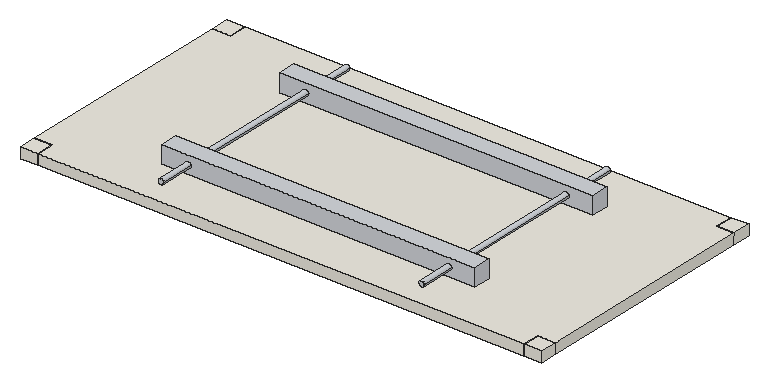
Revit family "LED-PL-CSVT", category Осветительные приборы, Revit 2019 (continued)
Types (9, lengths in mm): name | built-in parameter 1150134 | Файл фотометрической сетки | built-in parameter 1150105 | Lumens | built-in parameter 1150106 | built-in parameter 1150142 | Wattage | built-in parameter 1150107 | Emit from Rectangle Width | Emit from Rectangle Length | Длина | Ширина | L1 | L | ADSK_Ток | ADSK_Полная мощность | ADSK_Обозначение | ADSK_Номинальная мощность | ADSK_Наименование | ADSK_Масса | ADSK_Код изделия
  LED PL-CSVT-38 295x1195 х10 (KROKUS) (IP54/IP20, 4000K, белый) | 12 | "Светильник LED-PL-CSVT-38-(295x1195).IES" | 302.39 (stored number, unit not read) | 3800 lm | 3.0239 (stored number, unit not read) | "IESNA:LM-63-95\r\n[TEST] Протокол № 78\r\n[DATA]26.06.2016\r\n[MORE] \r\n[MANUFAC] ЗАО \"Центрстройсвет\"\r\n[LUMCAT]  Светильник LED-PL-CSVT-38-(295x1195) \r\n[LUMINAIRE]\r\n[LAMPCAT] Светодиоды\r\n[LAMP] Поток источника света (светодиодов) не известен\r\n[MORE] КСС приведена в абсолютных величинах кд\r\n[MORE] Вместо потока лампы, указан поток светильника.\r\nTILT=NONE\r\n1    3700 1.0 37 73 1 2 0.295 1.195 0.01\r\n1.0 1.0 38.3\r\n0.0 5.0 10.0 15.0 20.0 25.0 30.0 35.0 40.0 45.0 50.0 55.0 60.0 65.0 70.0 75.0 80.0 85.0 90.0 95.0 100.0 105.0 110.0 115.0 120.0 125.0 130.0 135.0 140.0 145.0 150.0 155.0 160.0 165.0 170.0 175.0 180.0\r\n0.0 5.0 10.0 15.0 20.0 25.0 30.0 35.0 40.0 45.0 50.0 55.0 60.0 65.0 70.0 75.0 80.0 85.0 90.0 95.0 100.0 105.0 110.0 115.0 120.0 125.0 130.0 135.0 140.0 145.0 150.0 155.0 160.0 165.0 170.0 175.0 180.0 185.0 190.0 195.0 200.0 205.0 210.0 215.0 220.0 225.0 230.0 235.0 240.0 245.0 250.0 255.0 260.0 265.0 270.0 275.0 280.0 285.0 290.0 295.0 300.0 305.0 310.0 315.0 320.0 325.0 330.0 335.0 340.0 345.0 350.0 355.0 360.0\r\n1341.8 1336.9 1319.3 1284.8 1239.9 1183.6 1113.8 1034.2 946.8 847.8 745.7 637.4 526.0 413.1 302.1 197.7 104.6 29.8 0.8 0.0 0.0 0.0 0.0 0.0 0.0 0.0 0.0 0.0 0.0 0.0 0.0 0.0 0.0 0.0 0.0 0.0 0.0\r\n1341.8 1336.8 1318.8 1285.0 1241.0 1184.4 1114.8 1032.7 945.5 847.6 745.7 637.3 526.3 414.0 302.7 198.1 104.9 30.0 0.8 0.0 0.0 0.0 0.0 0.0 0.0 0.0 0.0 0.0 0.0 0.0 0.0 0.0 0.0 0.0 0.0 0.0 0.0\r\n1341.8 1337.2 1317.9 1286.0 1241.0 1182.4 1113.0 1031.1 944.1 847.4 744.6 638.4 527.0 414.6 304.0 198.9 105.9 30.6 0.9 0.0 0.0 0.0 0.0 0.0 0.0 0.0 0.0 0.0 0.0 0.0 0.0 0.0 0.0 0.0 0.0 0.0 0.0\r\n1341.8 1337.9 1316.8 1286.3 1241.6 1181.4 1113.8 1032.7 945.5 849.2 746.3 638.5 527.5 415.8 304.7 200.0 107.2 31.4 0.9 0.0 0.0 0.0 0.0 0.0 0.0 0.0 0.0 0.0 0.0 0.0 0.0 0.0 0.0 0.0 0.0 0.0 0.0\r\n1341.8 1338.1 1317.3 1285.0 1240.2 1181.8 1111.6 1033.2 944.9 848.6 747.8 640.9 529.4 417.1 306.1 202.1 109.3 32.5 1.0 0.0 0.0 0.0 0.0 0.0 0.0 0.0 0.0 0.0 0.0 0.0 0.0 0.0 0.0 0.0 0.0 0.0 0.0\r\n1341.8 1337.7 1317.9 1287.0 1242.1 1182.0 1113.5 1034.8 946.0 852.3 749.5 642.6 532.3 419.4 309.0 203.9 110.7 33.5 1.1 0.0 0.0 0.0 0.0 0.0 0.0 0.0 0.0 0.0 0.0 0.0 0.0 0.0 0.0 0.0 0.0 0.0 0.0\r\n1341.8 1337.3 1317.6 1286.3 1239.0 1181.3 1112.9 1034.6 948.2 852.7 751.4 644.4 533.6 421.5 310.4 206.1 112.3 34.9 1.4 0.0 0.0 0.0 0.0 0.0 0.0 0.0 0.0 0.0 0.0 0.0 0.0 0.0 0.0 0.0 0.0 0.0 0.0\r\n1341.8 1337.3 1316.6 1286.7 1240.9 1181.3 1115.0 1036.8 950.1 855.4 753.4 645.4 535.3 422.7 312.8 208.0 114.3 36.4 1.6 0.0 0.0 0.0 0.0 0.0 0.0 0.0 0.0 0.0 0.0 0.0 0.0 0.0 0.0 0.0 0.0 0.0 0.0\r\n1341.8 1337.5 1315.7 1286.0 1240.9 1182.7 1116.4 1038.8 951.4 856.2 753.6 647.6 536.8 425.3 314.6 210.2 116.5 38.1 1.8 0.0 0.0 0.0 0.0 0.0 0.0 0.0 0.0 0.0 0.0 0.0 0.0 0.0 0.0 0.0 0.0 0.0 0.0\r\n1341.8 1337.5 1315.9 1286.5 1239.8 1185.0 1117.5 1038.9 951.9 855.2 754.6 647.2 538.5 426.6 317.4 212.9 119.1 40.1 2.0 0.0 0.0 0.0 0.0 0.0 0.0 0.0 0.0 0.0 0.0 0.0 0.0 0.0 0.0 0.0 0.0 0.0 0.0\r\n1341.8 1337.0 1317.3 1285.8 1238.6 1184.4 1118.0 1039.9 950.9 856.8 755.9 649.7 540.5 429.3 319.5 215.9 121.7 42.4 2.1 0.0 0.0 0.0 0.0 0.0 0.0 0.0 0.0 0.0 0.0 0.0 0.0 0.0 0.0 0.0 0.0 0.0 0.0\r\n1341.8 1336.4 1317.1 1284.9 1240.7 1185.7 1118.2 1039.5 951.9 856.4 755.6 650.8 542.2 432.1 322.9 219.7 123.8 45.0 2.3 0.0 0.0 0.0 0.0 0.0 0.0 0.0 0.0 0.0 0.0 0.0 0.0 0.0 0.0 0.0 0.0 0.0 0.0\r\n1341.8 1335.8 1316.4 1284.6 1240.6 1185.8 1115.4 1037.2 951.3 856.1 756.3 652.5 544.0 434.6 326.4 222.2 127.6 47.6 2.5 0.0 0.0 0.0 0.0 0.0 0.0 0.0 0.0 0.0 0.0 0.0 0.0 0.0 0.0 0.0 0.0 0.0 0.0\r\n1341.8 1335.7 1315.3 1283.8 1240.2 1186.0 1115.8 1036.4 949.0 855.2 756.8 653.1 545.6 437.8 329.5 225.1 130.6 50.7 2.7 0.0 0.0 0.0 0.0 0.0 0.0 0.0 0.0 0.0 0.0 0.0 0.0 0.0 0.0 0.0 0.0 0.0 0.0\r\n1341.8 1335.8 1314.6 1282.8 1239.5 1182.0 1114.3 1035.4 949.3 855.7 757.0 654.3 547.5 440.1 332.7 227.8 134.1 53.5 2.8 0.0 0.0 0.0 0.0 0.0 0.0 0.0 0.0 0.0 0.0 0.0 0.0 0.0 0.0 0.0 0.0 0.0 0.0\r\n1341.8 1335.6 1315.0 1283.0 1237.7 1180.9 1112.3 1033.0 948.3 856.1 757.5 653.2 549.6 443.1 334.3 231.3 138.0 56.6 2.9 0.0 0.0 0.0 0.0 0.0 0.0 0.0 0.0 0.0 0.0 0.0 0.0 0.0 0.0 0.0 0.0 0.0 0.0\r\n1341.8 1335.2 1314.6 1281.8 1235.8 1179.2 1109.3 1033.2 946.5 856.1 758.0 655.3 551.9 445.3 336.3 235.0 142.2 59.1 3.1 0.0 0.0 0.0 0.0 0.0 0.0 0.0 0.0 0.0 0.0 0.0 0.0 0.0 0.0 0.0 0.0 0.0 0.0\r\n1341.8 1334.7 1314.8 1281.3 1235.9 1177.4 1108.9 1031.8 944.8 855.9 758.1 656.8 554.4 446.3 339.0 238.3 145.5 61.9 3.4 0.0 0.0 0.0 0.0 0.0 0.0 0.0 0.0 0.0 0.0 0.0 0.0 0.0 0.0 0.0 0.0 0.0 0.0\r\n1341.8 1334.3 1315.4 1280.3 1234.6 1177.6 1106.1 1032.3 946.4 857.2 758.5 659.1 558.7 451.0 342.1 241.6 149.3 65.0 3.3 0.0 0.0 0.0 0.0 0.0 0.0 0.0 0.0 0.0 0.0 0.0 0.0 0.0 0.0 0.0 0.0 0.0 0.0\r\n1341.8 1334.3 1314.9 1282.2 1234.6 1175.3 1107.9 1033.8 944.6 857.4 758.4 657.9 557.7 451.7 344.2 243.1 152.0 68.1 5.3 0.0 0.0 0.0 0.0 0.0 0.0 0.0 0.0 0.0 0.0 0.0 0.0 0.0 0.0 0.0 0.0 0.0 0.0\r\n1341.8 1334.7 1312.7 1281.1 1233.0 1174.3 1107.2 1029.6 946.4 860.0 761.7 662.1 560.7 454.9 347.9 246.8 155.1 70.4 7.5 0.0 0.0 0.0 0.0 0.0 0.0 0.0 0.0 0.0 0.0 0.0 0.0 0.0 0.0 0.0 0.0 0.0 0.0\r\n1341.8 1334.7 1312.4 1278.0 1231.5 1172.3 1104.7 1033.7 947.7 859.2 762.1 663.8 562.4 457.1 351.2 249.4 156.9 73.1 9.8 0.0 0.0 0.0 0.0 0.0 0.0 0.0 0.0 0.0 0.0 0.0 0.0 0.0 0.0 0.0 0.0 0.0 0.0\r\n1341.8 1334.2 1312.2 1280.6 1230.2 1175.5 1107.1 1032.0 947.1 861.5 764.5 664.0 564.3 459.5 352.6 251.6 159.1 75.4 11.7 0.1 0.0 0.0 0.0 0.0 0.0 0.0 0.0 0.0 0.0 0.0 0.0 0.0 0.0 0.0 0.0 0.0 0.0\r\n1341.8 1333.2 1311.6 1277.1 1231.2 1172.2 1105.9 1032.8 948.9 859.9 766.3 665.4 564.7 460.6 355.4 254.3 161.2 77.4 13.4 0.1 0.0 0.0 0.0 0.0 0.0 0.0 0.0 0.0 0.0 0.0 0.0 0.0 0.0 0.0 0.0 0.0 0.0\r\n1341.8 1332.0 1310.5 1276.9 1232.4 1174.1 1107.1 1031.2 949.3 860.6 766.4 666.7 565.7 462.5 358.3 256.5 163.0 79.8 15.1 0.1 0.0 0.0 0.0 0.0 0.0 0.0 0.0 0.0 0.0 0.0 0.0 0.0 0.0 0.0 0.0 0.0 0.0\r\n1341.8 1331.1 1309.9 1278.1 1232.2 1173.5 1107.0 1032.6 949.7 860.5 766.5 667.5 566.2 463.6 359.9 258.4 165.4 81.4 16.6 0.1 0.0 0.0 0.0 0.0 0.0 0.0 0.0 0.0 0.0 0.0 0.0 0.0 0.0 0.0 0.0 0.0 0.0\r\n1341.8 1330.4 1309.4 1278.8 1233.9 1175.0 1107.1 1031.1 949.8 860.7 766.8 669.4 568.2 465.3 361.1 260.6 166.7 83.4 18.0 0.2 0.0 0.0 0.0 0.0 0.0 0.0 0.0 0.0 0.0 0.0 0.0 0.0 0.0 0.0 0.0 0.0 0.0\r\n1341.8 1329.9 1309.1 1280.5 1233.1 1175.2 1107.6 1031.1 948.8 861.2 767.3 669.9 569.2 466.0 363.7 262.6 168.7 85.0 19.2 0.2 0.0 0.0 0.0 0.0 0.0 0.0 0.0 0.0 0.0 0.0 0.0 0.0 0.0 0.0 0.0 0.0 0.0\r\n1341.8 1329.8 1308.5 1279.6 1233.5 1177.5 1108.2 1032.4 949.0 860.7 767.5 671.0 569.8 467.9 365.5 264.2 170.0 86.8 20.2 0.3 0.0 0.0 0.0 0.0 0.0 0.0 0.0 0.0 0.0 0.0 0.0 0.0 0.0 0.0 0.0 0.0 0.0\r\n1341.8 1329.1 1308.7 1279.5 1234.3 1176.7 1109.3 1033.7 950.5 861.4 769.5 671.3 571.6 469.5 365.9 266.1 171.5 88.1 21.3 0.3 0.0 0.0 0.0 0.0 0.0 0.0 0.0 0.0 0.0 0.0 0.0 0.0 0.0 0.0 0.0 0.0 0.0\r\n1341.8 1327.7 1308.9 1280.1 1235.7 1177.2 1111.0 1034.6 952.2 863.3 769.8 672.9 572.8 469.8 368.0 268.0 172.7 89.4 22.2 0.3 0.0 0.0 0.0 0.0 0.0 0.0 0.0 0.0 0.0 0.0 0.0 0.0 0.0 0.0 0.0 0.0 0.0\r\n1341.8 1327.0 1309.0 1280.6 1234.5 1177.7 1112.0 1036.4 954.5 865.5 772.1 674.7 574.5 472.5 370.0 269.0 174.2 90.5 23.0 0.3 0.0 0.0 0.0 0.0 0.0 0.0 0.0 0.0 0.0 0.0 0.0 0.0 0.0 0.0 0.0 0.0 0.0\r\n1341.8 1327.0 1308.6 1279.1 1236.5 1178.6 1112.2 1036.7 955.2 866.9 773.8 677.8 577.0 474.7 371.4 270.8 175.9 91.5 23.6 0.3 0.0 0.0 0.0 0.0 0.0 0.0 0.0 0.0 0.0 0.0 0.0 0.0 0.0 0.0 0.0 0.0 0.0\r\n1341.8 1327.2 1307.4 1280.3 1235.7 1179.0 1111.1 1038.4 954.6 869.4 776.3 678.3 578.5 476.3 373.9 272.0 176.7 92.2 24.1 0.3 0.0 0.0 0.0 0.0 0.0 0.0 0.0 0.0 0.0 0.0 0.0 0.0 0.0 0.0 0.0 0.0 0.0\r\n1341.8 1327.0 1306.8 1279.6 1234.6 1178.5 1113.0 1037.0 958.3 869.0 775.7 680.5 580.5 477.1 374.2 273.4 177.9 92.4 24.5 0.3 0.0 0.0 0.0 0.0 0.0 0.0 0.0 0.0 0.0 0.0 0.0 0.0 0.0 0.0 0.0 0.0 0.0\r\n1341.8 1327.3 1306.8 1279.5 1234.9 1177.8 1111.3 1037.0 958.3 868.1 778.0 679.9 580.8 478.2 374.9 274.4 178.3 92.4 24.7 0.3 0.0 0.0 0.0 0.0 0.0 0.0 0.0 0.0 0.0 0.0 0.0 0.0 0.0 0.0 0.0 0.0 0.0\r\n1341.8 1327.7 1305.7 1278.5 1235.8 1177.1 1112.1 1038.3 957.4 870.5 778.6 681.5 580.0 478.6 375.7 274.6 178.4 92.5 24.7 0.3 0.0 0.0 0.0 0.0 0.0 0.0 0.0 0.0 0.0 0.0 0.0 0.0 0.0 0.0 0.0 0.0 0.0\r\n1341.8 1327.5 1305.4 1277.2 1234.5 1177.5 1112.3 1036.6 958.0 869.0 777.9 681.6 580.8 478.0 375.7 273.5 177.9 92.3 24.5 0.3 0.0 0.0 0.0 0.0 0.0 0.0 0.0 0.0 0.0 0.0 0.0 0.0 0.0 0.0 0.0 0.0 0.0\r\n1341.8 1326.8 1304.5 1277.6 1233.5 1176.2 1112.0 1038.6 959.0 869.6 778.7 680.8 580.7 478.6 374.6 273.3 177.5 91.7 24.3 0.3 0.0 0.0 0.0 0.0 0.0 0.0 0.0 0.0 0.0 0.0 0.0 0.0 0.0 0.0 0.0 0.0 0.0\r\n1341.8 1326.9 1305.4 1276.3 1233.7 1176.3 1109.7 1037.3 956.8 869.6 776.3 681.2 580.5 477.4 373.5 272.8 176.2 91.1 23.8 0.3 0.0 0.0 0.0 0.0 0.0 0.0 0.0 0.0 0.0 0.0 0.0 0.0 0.0 0.0 0.0 0.0 0.0\r\n1341.8 1327.5 1305.5 1276.1 1232.2 1174.9 1111.6 1038.9 957.0 869.6 777.0 679.2 577.9 475.2 371.8 270.7 175.2 90.0 23.2 0.3 0.0 0.0 0.0 0.0 0.0 0.0 0.0 0.0 0.0 0.0 0.0 0.0 0.0 0.0 0.0 0.0 0.0\r\n1341.8 1327.9 1304.7 1275.2 1231.3 1175.2 1109.8 1035.6 954.8 868.1 774.3 676.8 576.4 473.5 370.4 269.2 174.3 89.4 22.8 0.3 0.0 0.0 0.0 0.0 0.0 0.0 0.0 0.0 0.0 0.0 0.0 0.0 0.0 0.0 0.0 0.0 0.0\r\n1341.8 1328.5 1304.7 1273.4 1230.3 1175.2 1109.7 1034.5 953.9 865.2 772.8 675.6 576.2 472.4 370.3 268.7 173.7 88.7 22.1 0.3 0.0 0.0 0.0 0.0 0.0 0.0 0.0 0.0 0.0 0.0 0.0 0.0 0.0 0.0 0.0 0.0 0.0\r\n1341.8 1329.0 1305.0 1272.7 1230.7 1173.5 1108.6 1033.9 951.8 863.8 771.4 675.0 574.8 473.2 368.5 268.1 172.1 87.6 21.3 0.3 0.0 0.0 0.0 0.0 0.0 0.0 0.0 0.0 0.0 0.0 0.0 0.0 0.0 0.0 0.0 0.0 0.0\r\n1341.8 1329.2 1304.7 1272.4 1229.8 1172.3 1107.1 1032.0 951.3 863.8 771.0 674.1 574.8 471.0 368.2 266.1 171.4 86.5 20.5 0.3 0.0 0.0 0.0 0.0 0.0 0.0 0.0 0.0 0.0 0.0 0.0 0.0 0.0 0.0 0.0 0.0 0.0\r\n1341.8 1329.7 1305.8 1273.7 1226.6 1171.9 1106.1 1030.7 948.9 862.5 770.2 672.9 572.6 470.5 366.7 265.1 170.1 84.8 19.5 0.3 0.0 0.0 0.0 0.0 0.0 0.0 0.0 0.0 0.0 0.0 0.0 0.0 0.0 0.0 0.0 0.0 0.0\r\n1341.8 1330.6 1306.3 1273.0 1227.0 1170.2 1103.2 1030.6 948.6 861.9 769.3 672.0 571.1 469.0 364.9 263.5 168.2 83.4 18.4 0.3 0.0 0.0 0.0 0.0 0.0 0.0 0.0 0.0 0.0 0.0 0.0 0.0 0.0 0.0 0.0 0.0 0.0\r\n1341.8 1331.3 1307.2 1272.9 1226.8 1169.6 1102.2 1028.2 948.5 861.0 767.4 671.1 570.7 467.2 363.4 261.2 167.4 81.7 16.9 0.2 0.0 0.0 0.0 0.0 0.0 0.0 0.0 0.0 0.0 0.0 0.0 0.0 0.0 0.0 0.0 0.0 0.0\r\n1341.8 1331.8 1308.0 1273.3 1228.5 1168.7 1103.8 1028.5 946.9 859.8 767.1 668.7 567.9 465.6 361.4 260.1 165.0 79.6 15.5 0.2 0.0 0.0 0.0 0.0 0.0 0.0 0.0 0.0 0.0 0.0 0.0 0.0 0.0 0.0 0.0 0.0 0.0\r\n1341.8 1332.4 1309.5 1275.5 1229.5 1171.0 1103.5 1029.1 945.5 859.8 765.8 668.3 567.3 463.6 358.1 257.4 163.0 77.5 13.8 0.1 0.0 0.0 0.0 0.0 0.0 0.0 0.0 0.0 0.0 0.0 0.0 0.0 0.0 0.0 0.0 0.0 0.0\r\n1341.8 1332.8 1311.1 1276.4 1227.1 1172.6 1102.7 1029.6 946.7 858.2 764.1 666.0 565.0 460.1 356.4 255.0 160.7 75.4 12.1 0.1 0.0 0.0 0.0 0.0 0.0 0.0 0.0 0.0 0.0 0.0 0.0 0.0 0.0 0.0 0.0 0.0 0.0\r\n1341.8 1333.3 1311.9 1276.8 1231.1 1172.3 1107.1 1030.0 946.2 858.0 763.6 664.5 563.8 458.4 353.4 252.4 158.5 72.9 10.1 0.1 0.0 0.0 0.0 0.0 0.0 0.0 0.0 0.0 0.0 0.0 0.0 0.0 0.0 0.0 0.0 0.0 0.0\r\n1341.8 1333.9 1312.5 1277.8 1231.4 1175.3 1105.9 1030.5 944.9 859.0 762.2 663.3 561.4 456.4 349.4 249.1 155.5 70.6 8.1 0.0 0.0 0.0 0.0 0.0 0.0 0.0 0.0 0.0 0.0 0.0 0.0 0.0 0.0 0.0 0.0 0.0 0.0\r\n1341.8 1333.9 1313.8 1279.5 1232.1 1177.0 1108.3 1033.1 949.4 859.5 759.4 661.7 560.1 453.4 346.8 246.3 153.4 67.9 5.9 0.0 0.0 0.0 0.0 0.0 0.0 0.0 0.0 0.0 0.0 0.0 0.0 0.0 0.0 0.0 0.0 0.0 0.0\r\n1341.8 1333.8 1313.9 1280.9 1234.3 1180.3 1109.6 1034.9 948.9 859.4 763.0 661.0 560.5 452.8 345.0 243.6 150.1 65.0 3.5 0.0 0.0 0.0 0.0 0.0 0.0 0.0 0.0 0.0 0.0 0.0 0.0 0.0 0.0 0.0 0.0 0.0 0.0\r\n1341.8 1334.1 1314.0 1281.0 1236.3 1179.3 1112.1 1034.1 949.2 861.0 761.0 660.4 556.0 448.7 339.3 239.3 146.9 61.9 3.3 0.0 0.0 0.0 0.0 0.0 0.0 0.0 0.0 0.0 0.0 0.0 0.0 0.0 0.0 0.0 0.0 0.0 0.0\r\n1341.8 1334.8 1314.1 1280.1 1234.8 1182.4 1111.6 1037.2 950.5 859.3 758.9 657.5 554.6 447.0 337.6 235.8 143.5 58.6 3.1 0.0 0.0 0.0 0.0 0.0 0.0 0.0 0.0 0.0 0.0 0.0 0.0 0.0 0.0 0.0 0.0 0.0 0.0\r\n1341.8 1335.7 1315.2 1281.7 1235.2 1180.9 1112.2 1035.8 949.1 858.8 760.5 655.9 551.8 443.6 335.1 231.3 139.8 55.6 2.8 0.0 0.0 0.0 0.0 0.0 0.0 0.0 0.0 0.0 0.0 0.0 0.0 0.0 0.0 0.0 0.0 0.0 0.0\r\n1341.8 1336.3 1315.8 1281.7 1236.0 1180.4 1114.0 1035.2 950.2 857.5 758.1 654.8 548.5 439.8 332.2 228.0 135.5 52.7 2.6 0.0 0.0 0.0 0.0 0.0 0.0 0.0 0.0 0.0 0.0 0.0 0.0 0.0 0.0 0.0 0.0 0.0 0.0\r\n1341.8 1336.6 1316.2 1281.6 1238.4 1180.7 1114.2 1036.2 949.3 855.8 756.7 652.6 544.8 438.1 328.6 224.9 131.6 49.6 2.3 0.0 0.0 0.0 0.0 0.0 0.0 0.0 0.0 0.0 0.0 0.0 0.0 0.0 0.0 0.0 0.0 0.0 0.0\r\n1341.8 1336.8 1316.3 1281.8 1238.4 1182.4 1114.4 1036.0 948.5 855.0 754.7 650.8 542.4 434.0 326.5 221.6 128.0 47.0 2.0 0.0 0.0 0.0 0.0 0.0 0.0 0.0 0.0 0.0 0.0 0.0 0.0 0.0 0.0 0.0 0.0 0.0 0.0\r\n1341.8 1337.1 1316.2 1284.3 1239.4 1182.9 1115.4 1036.3 949.1 854.1 754.5 650.4 540.8 430.9 322.4 219.3 123.9 44.5 1.8 0.0 0.0 0.0 0.0 0.0 0.0 0.0 0.0 0.0 0.0 0.0 0.0 0.0 0.0 0.0 0.0 0.0 0.0\r\n1341.8 1337.4 1317.5 1282.3 1237.1 1182.9 1115.1 1036.9 949.9 854.0 753.0 647.4 538.7 427.0 320.1 215.9 120.7 42.0 1.6 0.0 0.0 0.0 0.0 0.0 0.0 0.0 0.0 0.0 0.0 0.0 0.0 0.0 0.0 0.0 0.0 0.0 0.0\r\n1341.8 1337.4 1316.2 1283.8 1237.6 1181.5 1113.5 1035.7 948.9 854.0 752.7 646.9 536.2 426.4 316.2 213.6 117.9 39.7 1.4 0.0 0.0 0.0 0.0 0.0 0.0 0.0 0.0 0.0 0.0 0.0 0.0 0.0 0.0 0.0 0.0 0.0 0.0\r\n1341.8 1337.2 1317.0 1283.5 1239.3 1180.5 1113.3 1037.8 949.2 853.7 752.1 643.8 534.9 423.7 313.8 210.0 115.3 37.6 1.3 0.0 0.0 0.0 0.0 0.0 0.0 0.0 0.0 0.0 0.0 0.0 0.0 0.0 0.0 0.0 0.0 0.0 0.0\r\n1341.8 1337.2 1318.5 1285.0 1239.5 1183.1 1113.7 1035.3 948.1 853.3 751.2 644.6 533.6 422.1 311.7 207.6 112.9 35.7 1.1 0.0 0.0 0.0 0.0 0.0 0.0 0.0 0.0 0.0 0.0 0.0 0.0 0.0 0.0 0.0 0.0 0.0 0.0\r\n1341.8 1337.7 1318.5 1284.5 1238.7 1183.1 1113.7 1034.5 946.7 852.2 749.7 643.3 532.4 419.7 309.7 204.5 111.0 34.0 1.0 0.0 0.0 0.0 0.0 0.0 0.0 0.0 0.0 0.0 0.0 0.0 0.0 0.0 0.0 0.0 0.0 0.0 0.0\r\n1341.8 1338.1 1317.1 1283.5 1239.7 1180.9 1112.8 1034.7 947.6 849.7 747.3 641.2 529.7 418.1 307.7 202.4 109.0 32.4 0.9 0.0 0.0 0.0 0.0 0.0 0.0 0.0 0.0 0.0 0.0 0.0 0.0 0.0 0.0 0.0 0.0 0.0 0.0\r\n1341.8 1338.0 1316.9 1283.3 1238.7 1182.5 1113.6 1033.7 945.1 850.0 746.5 639.0 528.5 415.2 305.2 200.3 107.2 31.2 0.8 0.0 0.0 0.0 0.0 0.0 0.0 0.0 0.0 0.0 0.0 0.0 0.0 0.0 0.0 0.0 0.0 0.0 0.0\r\n1341.8 1337.9 1317.1 1285.6 1238.9 1181.2 1116.0 1035.0 945.5 848.4 745.9 638.0 526.4 414.3 303.7 199.2 105.8 30.3 0.8 0.0 0.0 0.0 0.0 0.0 0.0 0.0 0.0 0.0 0.0 0.0 0.0 0.0 0.0 0.0 0.0 0.0 0.0\r\n1341.8 1337.9 1317.3 1286.6 1237.7 1183.1 1114.2 1036.1 945.1 848.7 745.0 637.6 526.8 413.1 302.6 198.1 105.0 29.9 0.7 0.0 0.0 0.0 0.0 0.0 0.0 0.0 0.0 0.0 0.0 0.0 0.0 0.0 0.0 0.0 0.0 0.0 0.0\r\n1341.8 1337.5 1318.2 1283.6 1240.2 1182.0 1113.8 1035.3 945.6 846.7 744.8 637.7 525.1 412.9 302.6 197.7 104.5 29.8 0.7 0.0 0.0 0.0 0.0 0.0 0.0 0.0 0.0 0.0 0.0 0.0 0.0 0.0 0.0 0.0 0.0 0.0 0.0\r\n1341.8 1336.9 1319.3 1284.8 1239.9 1183.6 1113.8 1034.2 946.8 847.8 745.7 637.4 526.0 413.1 302.1 197.7 104.6 29.8 0.8 0.0 0.0 0.0 0.0 0.0 0.0 0.0 0.0 0.0 0.0 0.0 0.0 0.0 0.0 0.0 0.0 0.0 0.0\r\n" | 25.582 W | 4000 (stored number, unit not read) | 255 | 1155 | 1195 | 295 | 147.5 | 597.5 | 0.179584 A | 41.3043 VA | "LED PL-CSVT-38 295x1195 х10 (KROKUS) (IP54/IP20, 4000K, белый)" | 38 W | "Ультратонкая светодиодная панель LED PL-CSVT-38 295x1195 х1
    0 (KROKUS) (IP54/IP20, 4000K, белый)" | 3.4 | "ЦБ000007521"
